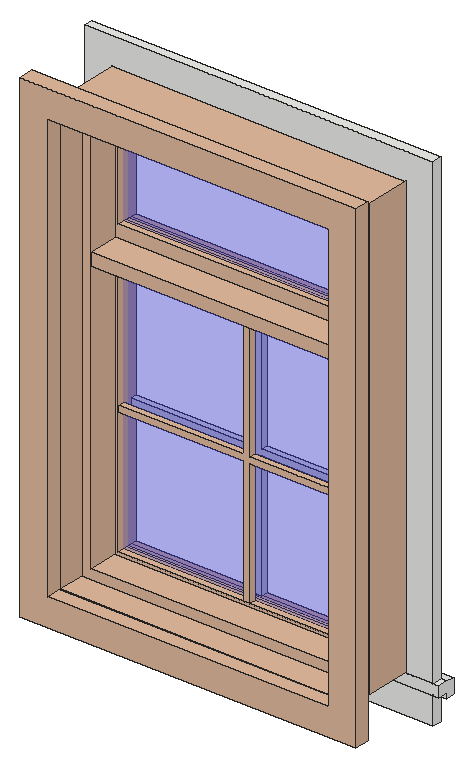
Revit family "4b01a7dc72e9462cb0fbdd8088970dcf", category Windows, host Wall, Revit 2021
Family settings
  Host = Wall
  OmniClass Number = 23.30.20.17.11
  OmniClass Title = Fixed Windows
  Always vertical = Yes
  Cut with Voids When Loaded = No
  Shared = No
  Room Calculation Point = No
Parameters (values of type "24" x 36"")
  Window Inset [instance] = 0' - 0"
  Wall Thickness [instance] = 0' - 6"
  Visual Light Transmittance = 0.81
  Transom Height = 1' - 0"
  Thermal Resistance (R) = 1.8146 (h·ft²·°F)/BTU
  Solar Heat Gain Coefficient = 0.76
  Rough Width = Width + 0' 0 1/2"  # 2' - 0 1/2"
  Rough Height = Height + 0' 0 1/2"  # 3' - 0 1/2"
  Muntin Visibility = yes
  Muntin Pattern = Muntin Pattern_2x2 : Muntin Pattern_2x2
  Lower Sash Height = Height - Transom Height  # 2' - 0"
  Interior Wall Closure [instance] = 0' - 2 1/4"
  Interior Trim Visibility [instance] = yes
  Interior Trim Material = Wood - Stained
  Interior Trim = Trim-Window-Interior-Flat : Picture Frame
  Height = 3' - 0"
  Interior Frame Material = Wood - Stained
  Heat Transfer Coefficient (U) = 0.5511 BTU/(h·ft²·°F)
  Glass Panel Material = Glass
  Frame Extension [instance] = if(Exterior Trim Visibility, Window Inset + 0' 0 1/4", 0' 0 1/4")  # 0' - 0 1/4"
  Fire Rating = "0.5h"
  Exterior Wall Closure [instance] = 0' - 1 1/4"
  Exterior Trim Visibility [instance] = yes
  Exterior Trim Material = Clad - White
  Exterior Trim = Trim-Window-Exterior-Flat : with Sill
  Exterior Frame Material = Clad - White
  Extension Jamb Visibility [instance] = and(Interior Trim Visibility, Wall Thickness - Window Inset > 0' 3 3/4")  # yes
  Extension Jamb [instance] = if(Wall Thickness - Window Inset > 0' 3 3/4", Wall Thickness - Window Inset - 0' 3 3/4", 0' 1")  # 0' - 2 1/4"
  Default Sill Height = 3' - 0"
  Wall Closure = By host
  Width = 2' - 0"
  Assembly Code = "B2020100"
  Analytic Construction = "Double glazing - domestic"
Reference planes (in)
  plane 1 "Center (Front/Back)": y = 0
  plane 2: z = 0
  plane 3 "Center (Left/Right)": x = 0
  plane 4 "Left": x = -12
  plane 5 "Right": x = 12
  plane 6 "Sill": z = 36
  plane 7 "Top": z = 72
  plane 8 "Inset Face": y = 3
  plane 9 "Wall Closure": y = -0.75
  plane 10 "Sash Face": y = 3.5
  plane 11 "Exterior": y = 3
  plane 12: x = 11.5
  plane 13: x = -11.5
  plane 14: z = 71.5
  plane 15: z = 36.5
  plane 16: y = 2.25
  plane 17 "Glass": y = 2.625
  plane 18: y = 3.75
  plane 19: y = 3.75
  plane 20 "Interior": y = -3
  plane 21 "Jamb": y = -0.75
  plane 22 "Middle": z = 54
  plane 23: z = 54
  plane 24: x = 10.75
  plane 25: x = 10.5
  plane 26: x = -10.5
  plane 27: x = 10.5
  plane 28: z = 70.5
  plane 29: z = 37.5
  plane 30: y = -0.75
  plane 31: y = 1.75
  plane 32: z = 59.5
  plane 33: z = 60.5
  plane 34: z = 58.5
  plane 35: z = 60
  plane 36: y = 3.75
  plane 37: z = 61.5
Forms (in)
  Sweep 1, solid, material "Wood - Stained" <- "Interior Frame Material"
    path origin (0, 3.5, 0) x (-1, 0, 0) y (0, 0, 1)
      loop
        line (-12, 36) -> (12, 36) -> (12, 72) -> (-12, 72) -> (-12, 36)
    profile origin (12, 3.5, 54) x (1, 0, 0) y (0, 1, 0)
      loop
        line (0, 0.25) -> (-0.5, 0.25) -> (-0.5, -1.75) -> (-1.25, -1.75) -> (-1.25, -4.25) -> (0, -4.25) -> (0, 0.25)
  Extrusion 2, solid, material "Wood - Stained" <- "Interior Frame Material", visible <- "Extension Jamb Visibility"
    sketch origin (0, 0, 0) x (1, 0, 0) y (0, 0, 1)
      loop
        line (12, 72) -> (-12, 72) -> (-12, 36) -> (12, 36) -> (12, 72)
      loop
        line (11.5, 36.5) -> (11.5, 71.5) -> (-11.5, 71.5) -> (-11.5, 36.5) -> (11.5, 36.5)
    from 0.75 to 3
  Sweep 3, solid, material "Wood - Stained" <- "Interior Frame Material"
    path origin (0, 3.5, 0) x (-1, 0, 0) y (0, 0, 1)
      loop
        line (-11.5, 59.5) -> (-11.5, 36.5) -> (11.5, 36.5) -> (11.5, 59.5) -> (-11.5, 59.5)
    profile origin (11.5, 3.5, 48) x (0, 1, 0) y (-1, 0, 0)
      loop
        line (0, 0) -> (0, 1) -> (-1.75, 1) -> (-1.75, 0) -> (0, 0)
  Extrusion 4, solid, material "Glass" <- "Glass Panel Material"
    sketch origin (0, 0, 36) x (0, -1, 0) y (1, 0, 0)
      loop
        line (-3, -10.5) -> (-2.75, -10.5) -> (-2.75, 10.5) -> (-3, 10.5) -> (-3, -10.5)
      loop
        line (-2.25, 10.5) -> (-2.5, 10.5) -> (-2.5, -10.5) -> (-2.25, -10.5) -> (-2.25, 10.5)
    from 1.5 to 23.5
  Extrusion 5, solid, material "Wood - Stained" <- "Interior Frame Material"
    sketch origin (0, 0, 36) x (0, -1, 0) y (1, 0, 0)
      loop
        line (-3.5, -11.5) -> (-1.75, -11.5) -> (-1.75, -10.75) -> (0.75, -10.75) -> (0.75, 10.75) -> (-1.75, 10.75) -> (-1.75, 11.5) -> (-3.5, 11.5) -> (-3.5, -11.5)
    from 23.5 to 24.5
  Extrusion 6, solid, material "Glass" <- "Glass Panel Material"
    sketch origin (0, 0, 36) x (0, -1, 0) y (1, 0, 0)
      loop
        line (-3, -10.5) -> (-2.75, -10.5) -> (-2.75, 10.5) -> (-3, 10.5) -> (-3, -10.5)
      loop
        line (-2.5, -10.5) -> (-2.25, -10.5) -> (-2.25, 10.5) -> (-2.5, 10.5) -> (-2.5, -10.5)
    from 25.5 to 34.5
  Sweep 7, solid, material "Wood - Stained" <- "Interior Frame Material"
    path origin (-30.38088, 3.5, 48) x (-1, 0, 0) y (0, 0, 1)
      loop
        line (-41.88088, 12.5) -> (-18.88088, 12.5) -> (-18.88088, 23.5) -> (-41.88088, 23.5) -> (-41.88088, 12.5)
    profile origin (11.5, 3.5, 66) x (1, 0, 0) y (0, 1, 0)
      loop
        line (0, 0) -> (-1, 0) -> (-1, -1.75) -> (0, -1.75) -> (0, 0)
Lines and regions (in)
  Opening 1
    outline origin (-60, -3, 0) x (1, 0, 0) y (0, 0, 1)
      loop
        line (48, 72) -> (48, 36) -> (72, 36) -> (72, 72) -> (48, 72)
  Split face 1
    outline origin (10.5, 3.5, 37.5) x (-1, 0, 0) y (0, -1, 0)
      loop
        line (21, 0.5) -> (0, 0.5)
  Split face 2
    outline origin (10.5, 3.5, 58.5) x (0, 0, -1) y (0, -1, 0)
      loop
        line (0, 0.5) -> (21, 0.5)
  Split face 3
    outline origin (-10.5, 3.5, 37.5) x (0, 0, 1) y (0, -1, 0)
      loop
        line (21, 0.5) -> (0, 0.5)
  Split face 4
    outline origin (-10.5, 3.5, 58.5) x (0, -1, 0) y (1, 0, 0)
      loop
        line (0.5, 0) -> (0.5, 21)
  Split face 5
    outline origin (11.5, 1.75, 36.5) x (0, 0, 1) y (0, 1, 0)
      loop
        line (35, 1.25) -> (0, 1.25)
  Split face 6
    outline origin (-11.5, 1.75, 36.5) x (1, 0, 0) y (0, 1, 0)
      loop
        line (0, 1.25) -> (23, 1.25)
  Split face 7
    outline origin (-11.5, 1.75, 71.5) x (0, 0, -1) y (0, 1, 0)
      loop
        line (35, 1.75) -> (0, 1.75)
  Split face 8
    outline origin (11.5, 1.75, 71.5) x (0, 1, 0) y (-1, 0, 0)
      loop
        line (1.75, 0) -> (1.75, 23)
  Split face 9
    outline origin (0, 0, 60.5) x (0, -1, 0) y (1, 0, 0)
      loop
        line (-3, -11.5) -> (-3, 11.5)
  Split face 10
    outline origin (-10.5, 1.75, 70.5) x (0, 0, -1) y (0, 1, 0)
      loop
        line (9, 1.25) -> (0, 1.25)
  Split face 11
    outline origin (10.5, 1.75, 70.5) x (0, 1, 0) y (-1, 0, 0)
      loop
        line (1.25, 0) -> (1.25, 21)
  Split face 12
    outline origin (-10.5, 1.75, 61.5) x (1, 0, 0) y (0, 1, 0)
      loop
        line (0, 1.25) -> (21, 1.25)
  Split face 13
    outline origin (10.5, 1.75, 61.5) x (0, 0, 1) y (0, 1, 0)
      loop
        line (9, 1.25) -> (0, 1.25)
Text (in)
  text "EXTERIOR" at (-58.6888, 50.90694, 0), in view "Ref. Level"
  text "INTERIOR" at (-58.6888, -37.76638, 0), in view "Ref. Level"
  text "Exterior" at (0, 43.65631, 123.19604), in view "Left"
  text "Exterior" at (0, 18.29385, 125.04747), in view "Right"
Dimensions and locks (in)
  equal spacing: plane 4 "Left", plane 3 "Center (Left/Right)", plane 5 "Right"
  "Width": plane 4 "Left" to plane 5 "Right"
  "Height": plane 6 "Sill" to plane 7 "Top"
  "Default Sill Height": plane 2 to plane 6 "Sill"
  locked: plane 10 "Sash Face" to plane 8 "Inset Face" at 0.5
  "Wall Thickness": host wall to host wall
  "Window Inset": plane 11 "Exterior" to plane 8 "Inset Face"
  locked: Sweep 1 sketch curve to plane 5 "Right" at 0.5
  locked: plane 12 to plane 5 "Right" at 0.5
  locked: plane 4 "Left" to plane 13 at 0.5
  locked: plane 14 to plane 7 "Top" at 0.5
  locked: plane 6 "Sill" to plane 15 at 0.5
  plane 16 to Sweep 3 = 0' - 0 1/2"
  equal spacing: plane 8 "Inset Face", plane 17 "Glass", plane 16
  locked: plane 8 "Inset Face" to plane 16 at 0.75
  locked: plane 18 to plane 11 "Exterior" at 0.75
  locked: plane 19 to plane 10 "Sash Face" at 0.25
  "Extension Jamb": plane 21 "Jamb" to plane 20 "Interior"
  locked: plane 8 "Inset Face" to plane 9 "Wall Closure" at 3.75
  equal spacing: plane 6 "Sill", plane 23, plane 7 "Top"
  plane 24 to plane 5 "Right" = 0' - 1 1/4"
  plane 25 to plane 12 = 0' - 1"
  locked: plane 4 "Left" to plane 26 at 1.5
  locked: plane 7 "Top" to plane 28 at 1.5
  locked: plane 29 to plane 6 "Sill" at 1.5
  locked: plane 27 to plane 5 "Right" at 1.5
  level to host wall = 23' - 0"
  "Interior Wall Closure": plane 30 to plane 20 "Interior"
  "Exterior Wall Closure": plane 11 "Exterior" to plane 31
  locked: plane 13 to Extrusion 5 sketch curve at 0.75
  locked: plane 10 "Sash Face" to Extrusion 5 sketch curve at 1.75  (x2)
  locked: plane 32 to plane 33 at 1
  locked: Extrusion 6 sketch curve to plane 16 at 0.25
  Extrusion 4 to Extrusion 6 = 1' - 9"
  locked: plane 8 "Inset Face" to Extrusion 6 sketch curve at 0.25
  locked: plane 34 to plane 32 at 1
  equal spacing: plane 32, plane 35, plane 33
  "Transom Height": plane 35 to plane 7 "Top"
  "Frame Extension": plane 36 to plane 10 "Sash Face"
  locked: plane 10 "Sash Face" to Sweep 7 sketch curve at 1.75
  locked: plane 33 to plane 37 at 1
  aligned and locked: plane 7 "Top" to Opening 1 sketch curve
  aligned and locked: plane 6 "Sill" to Opening 1 sketch curve  (x2)
  aligned and locked: plane 5 "Right" to Opening 1 sketch curve
  aligned and locked: plane 4 "Left" to Opening 1 sketch curve
  aligned and locked: level to plane 2
  aligned and locked: host wall to plane 11 "Exterior"
  aligned and locked: plane 5 "Right" to Sweep 1 sketch curve
  aligned and locked: plane 7 "Top" to Sweep 1 sketch curve
  aligned and locked: Sweep 1 sketch curve to plane 4 "Left"
  aligned and locked: Sweep 1 sketch curve to plane 6 "Sill"
  aligned and locked: Extrusion 2 sketch curve to host wall  (x3)
  aligned and locked: plane 7 "Top" to Extrusion 2 sketch curve
  aligned and locked: host wall to Extrusion 2
  aligned and locked: Sweep 3 sketch curve to plane 12  (x2)
  aligned and locked: Sweep 3 sketch curve to plane 15
  aligned and locked: Split face 1 sketch curve to plane 8 "Inset Face"
  aligned and locked: plane 8 "Inset Face" to Split face 2 sketch curve
  aligned and locked: plane 8 "Inset Face" to Split face 3 sketch curve
  aligned and locked: Split face 4 sketch curve to plane 8 "Inset Face"
  aligned and locked: Extrusion 4 sketch curve to plane 8 "Inset Face"
  aligned and locked: Sweep 3 to Extrusion 4 sketch curve
  aligned and locked: Extrusion 4 sketch curve to plane 16
  aligned and locked: Extrusion 4 sketch curve to Sweep 3
  aligned and locked: plane 20 "Interior" to host wall
  aligned and locked: plane 21 "Jamb" to Extrusion 2
  aligned and locked: plane 9 "Wall Closure" to Sweep 1
  aligned and locked: nested 2 to plane 4 "Left"
  aligned and locked: profile plane to Sweep 3 sketch curve
  aligned and locked: plane 13 to Sweep 3 sketch curve
  aligned and locked: plane 12 to Extrusion 2 sketch curve
  aligned and locked: Extrusion 2 sketch curve to plane 14
  aligned and locked: Extrusion 2 sketch curve to plane 13
  aligned and locked: plane 15 to Extrusion 2 sketch curve
  aligned and locked: plane 23 to plane 22 "Middle"
  aligned and locked: Sweep 1 sketch curve to Sweep 3
  aligned and locked: Sweep 3 sketch curve to plane 25
  aligned and locked: Extrusion 4 sketch curve to plane 25  (x2)
  aligned and locked: Extrusion 4 to Sweep 3
  aligned and locked: plane 8 "Inset Face" to Split face 5 sketch curve
  aligned and locked: Split face 6 sketch curve to plane 8 "Inset Face"
  aligned and locked: Split face 7 sketch curve to plane 10 "Sash Face"
  aligned and locked: plane 10 "Sash Face" to Split face 8 sketch curve
  aligned and locked: nested 1 to plane 29
  aligned and locked: plane 15 to Extrusion 2
  aligned and locked: Extrusion 2 to plane 14
  aligned and locked: plane 17 "Glass" to nested 1
  aligned and locked: plane 25 to nested 1
  aligned and locked: plane 26 to nested 1
  aligned and locked: plane 7 "Top" to nested 3
  aligned and locked: nested 3 to plane 3 "Center (Left/Right)"
  aligned and locked: plane 7 "Top" to nested 4
  aligned and locked: plane 3 "Center (Left/Right)" to nested 4
  aligned and locked: plane 32 to Extrusion 4
  aligned and locked: Extrusion 5 sketch curve to plane 21 "Jamb"
  aligned and locked: Extrusion 5 sketch curve to plane 24
  aligned and locked: plane 12 to Extrusion 5 sketch curve
  aligned and locked: Extrusion 5 sketch curve to plane 10 "Sash Face"
  aligned and locked: plane 13 to Extrusion 5 sketch curve
  aligned and locked: Extrusion 5 to plane 32
  aligned and locked: plane 32 to Sweep 3 sketch curve
  aligned and locked: plane 33 to Extrusion 5
  aligned and locked: Extrusion 6 sketch curve to plane 8 "Inset Face"
  aligned and locked: plane 16 to Extrusion 6 sketch curve
  aligned and locked: Split face 9 sketch curve to plane 8 "Inset Face"
  aligned and locked: nested 1 to plane 34
  aligned and locked: nested 2 to plane 35
  aligned and locked: plane 11 "Exterior" to nested 2
  aligned and locked: plane 36 to Sweep 1 sketch curve
  aligned and locked: Sweep 7 sketch curve to plane 14
  aligned and locked: Sweep 7 sketch curve to plane 13
  aligned and locked: plane 12 to Sweep 7 sketch curve
  aligned and locked: plane 33 to Sweep 7 sketch curve
  aligned and locked: plane 10 "Sash Face" to Sweep 7 sketch curve
  aligned and locked: Sweep 7 sketch curve to plane 12
  aligned and locked: Sweep 7 sketch curve to plane 27
  aligned and locked: plane 26 to Extrusion 6 sketch curve  (x2)
  aligned and locked: Extrusion 6 sketch curve to plane 27  (x2)
  aligned and locked: plane 28 to Extrusion 6
  aligned and locked: Extrusion 6 to plane 37
  aligned and locked: plane 8 "Inset Face" to Split face 10 sketch curve
  aligned and locked: plane 8 "Inset Face" to Split face 11 sketch curve
  aligned and locked: Split face 12 sketch curve to plane 8 "Inset Face"
  aligned and locked: Split face 13 sketch curve to plane 8 "Inset Face"
  aligned and locked: nested 5 to plane 4 "Left"
  aligned and locked: nested 5 to plane 11 "Exterior"
  aligned and locked: nested 5 to plane 7 "Top"
Automatic sketch dimensions
  Sweep 3 sketch curve to plane 10 "Sash Face" = 0' - 1 3/4"
  Split face 1 sketch curve to Sweep 3 = 0' - 0"  (x2)
  Sweep 3 to Split face 2 sketch curve = 0' - 0"
  Split face 2 sketch curve to Sweep 3 = 0' - 0"
  Split face 3 sketch curve to Sweep 3 = 0' - 0"
  Sweep 3 to Split face 3 sketch curve = 0' - 0"
  Split face 4 sketch curve to Sweep 3 = 0' - 0"  (x2)
  plane 17 "Glass" to Extrusion 4 sketch curve = 0' - 0 1/8"
  Extrusion 4 sketch curve to plane 17 "Glass" = 0' - 0 1/8"
  Sweep 1 sketch curve to profile plane = 0' - 0"
  profile plane to Sweep 1 sketch curve = 0' - 1 1/4"
  Sweep 1 sketch curve to plane 10 "Sash Face" = 0' - 4 1/4"
  Split face 5 sketch curve to Sweep 1 = 0' - 0"
  Sweep 1 to Split face 5 sketch curve = 0' - 0"
  Split face 6 sketch curve to Sweep 1 = 0' - 0"  (x2)
  Sweep 1 to Split face 7 sketch curve = 0' - 0"
  Split face 7 sketch curve to Sweep 1 = 0' - 0"
  Split face 8 sketch curve to Sweep 1 = 0' - 0"  (x2)
  Split face 9 sketch curve to Extrusion 5 = 0' - 0"  (x2)
  Sweep 7 to Split face 10 sketch curve = 0' - 0"
  Split face 10 sketch curve to Sweep 7 = 0' - 0"
  Split face 11 sketch curve to Sweep 7 = 0' - 0"  (x2)
  Split face 12 sketch curve to Sweep 7 = 0' - 0"  (x2)
  Split face 13 sketch curve to Sweep 7 = 0' - 0"
  Sweep 7 to Split face 13 sketch curve = 0' - 0"
Nested families (in)
  nested 1: "Muntin Pattern_2x2" at (0, 2.625, 37.5) x (-1, 0, 0) z (0, 0, 1), type <- "Muntin Pattern", Exterior Material <- "Exterior Frame Material", Interior Material <- "Interior Frame Material", visible <- "Muntin Visibility", type "Muntin Pattern_2x2"
    with Width 1' - 9", Interior Material Wood - Stained, Height 1' - 9", Exterior Material Clad - White
  nested 2: "Plan-Fixed 1" at (0, 3, 36) x (-1, 0, 0) z (0, 0, 1), Width <- "Width", Wall Thickness <- "Wall Thickness", Window Inset <- "Window Inset", Height <- "Lower Sash Height", type "Plan-Fixed 1"
    with Window Inset of 3D 0' - 0", Window Inset 0' - 0", Width 2' - 0", Wall Thickness 0' - 6", Top Line no, Height 2' - 0", Bottom Line yes
  nested 3: "Trim-Window-Exterior-Flat" at (0, 3, 72) x (-1, 0, 0) z (0, 1, 0), visible <- "Exterior Trim Visibility", Trim Material <- "Exterior Trim Material", Opening Width <- "Width", Opening Height <- "Height", type <- "Exterior Trim", type "with Sill"
    with Trim Material Clad - White, Opening Width 2' - 0", Opening Height 3' - 0"
  nested 4: "Trim-Window-Interior-Flat" at (0, -3, 72) x (1, 0, 0) z (0, -1, 0), visible <- "Interior Trim Visibility", Trim Material <- "Interior Trim Material", Opening Width <- "Width", Opening Height <- "Height", type <- "Interior Trim", type "Picture Frame"
    with Trim Material Wood - Stained, Opening Width 2' - 0", Opening Height 3' - 0"
  nested 5: "Plan-Fixed 1" at (0, 3, 60), Window Inset <- "Window Inset", Width <- "Width", Wall Thickness <- "Wall Thickness", Height <- "Transom Height", type "Plan-Fixed 1"
    with Window Inset of 3D 0' - 0", Window Inset 0' - 0", Width 2' - 0", Wall Thickness 0' - 6", Top Line yes, Height 1' - 0", Bottom Line no
Definition of nested family "Muntin Pattern_2x2"
  Parameters (values of type "Muntin Pattern_2x2")
    Width [instance] = 4' - 0"
    Thickness = 0' - 0 1/2"
    Height [instance] = 4' - 0"
    Interior Material [instance] = none
    Exterior Material [instance] = none
    Distance = 0' - 0 3/4"
    Default Elevation = 0' - 0"
  Reference planes (in)
    plane 1 "Center (Front/Back)": y = 0
    plane 2: z = 0
    plane 3 "Center (Left/Right)": x = 0
    plane 4: z = 48
    plane 5: x = -24
    plane 6: x = 24
    plane 7: z = 24
    plane 8: y = 0.375
    plane 9: y = 0.875
    plane 10: y = -0.375
    plane 11: y = -0.875
  Forms (in)
    Extrusion 1, solid, material <- "Interior Material", detail levels fine
      sketch origin (0, 0, 0) x (1, 0, 0) y (0, 0, 1)
        loop
          line (-24, 24.25) -> (-24, 23.75) -> (-0.25, 23.75) -> (-0.25, 0) -> (0.25, 0) -> (0.25, 23.75) -> (24, 23.75) -> (24, 24.25) -> (0.25, 24.25) -> (0.25, 48) -> (-0.25, 48) -> (-0.25, 24.25) -> (-24, 24.25)
      from 0.375 to 0.875
    Extrusion 2, solid, material <- "Exterior Material", detail levels fine
      sketch origin (0, 0, 0) x (1, 0, 0) y (0, 0, -1)
        loop
          line (-24, -24.25) -> (-0.25, -24.25) -> (-0.25, -48) -> (0.25, -48) -> (0.25, -24.25) -> (24, -24.25) -> (24, -23.75) -> (0.25, -23.75) -> (0.25, 0) -> (-0.25, 0) -> (-0.25, -23.75) -> (-24, -23.75) -> (-24, -24.25)
      from 0.375 to 0.875
  Lines and regions (in)
    model lines, detail levels medium
      curve 1: line (0, 0.375, 48) -> (0, 0.375, 0)
      curve 2: line (-24, -0.375, 24) -> (24, -0.375, 24)
      curve 3: line (-24, 0.375, 24) -> (24, 0.375, 24)
      curve 4: line (0, -0.375, 48) -> (0, -0.375, 0)
  Dimensions and locks (in)
    equal spacing: plane 6, plane 3 "Center (Left/Right)", plane 5
    "Width": plane 6 to plane 5
    "Height": plane 4 to plane 2
    equal spacing: plane 4, plane 7, plane 2
    locked: plane 3 "Center (Left/Right)" to Extrusion 1 sketch curve at 0.25  (x4)
    locked: Extrusion 1 sketch curve to plane 7 at 0.25  (x2)
    locked: plane 7 to Extrusion 1 sketch curve at 0.25  (x2)
    "Thickness": plane 9 to plane 8
    "Thickness": plane 10 to plane 11
    "Distance": plane 8 to plane 10
    equal spacing: plane 8, plane 1 "Center (Front/Back)", plane 10
    aligned and locked: plane 2 to level
    aligned and locked: plane 4 to curve 1
    aligned and locked: plane 5 to curve 2
    aligned and locked: plane 2 to curve 1
    aligned and locked: plane 6 to curve 2
    aligned and locked: Extrusion 1 sketch curve to plane 4
    aligned and locked: Extrusion 1 sketch curve to plane 6
    aligned and locked: Extrusion 1 sketch curve to plane 5
    aligned and locked: Extrusion 1 sketch curve to level
    aligned and locked: Extrusion 1 to plane 11
    aligned and locked: plane 10 to Extrusion 1
    aligned and locked: Extrusion 2 to plane 5
    aligned and locked: plane 6 to Extrusion 2
    aligned and locked: Extrusion 2 to plane 8
    aligned and locked: plane 9 to Extrusion 2
    aligned and locked: Extrusion 2 to plane 2
    aligned and locked: plane 4 to Extrusion 2
    aligned and locked: plane 5 to curve 3
    aligned and locked: plane 6 to curve 3
    aligned and locked: plane 4 to curve 4
    aligned and locked: plane 2 to curve 4
    aligned and locked: plane 8 to curve 3
  Automatic sketch dimensions
    curve 2 to plane 7 = 0' - 0"
    Extrusion 2 sketch curve to plane 5 = 0' - 0"
    Extrusion 2 sketch curve to level = 0' - 0"
    Extrusion 2 sketch curve to plane 4 = 0' - 0"
    Extrusion 2 sketch curve to plane 6 = 0' - 0"
    Extrusion 2 sketch curve to plane 3 "Center (Left/Right)" = 0' - 0 1/4"  (x2)
    plane 3 "Center (Left/Right)" to Extrusion 2 sketch curve = 0' - 0 1/4"  (x2)
    plane 7 to Extrusion 2 sketch curve = 0' - 0 1/4"  (x2)
    Extrusion 2 sketch curve to plane 7 = 0' - 0 1/4"  (x2)
    curve 4 to plane 3 "Center (Left/Right)" = 0' - 0"
    curve 4 to level = 0' - 0"
    curve 4 to plane 4 = 0' - 0"
    curve 3 to plane 6 = 0' - 0"
    curve 1 to plane 3 "Center (Left/Right)" = 0' - 0"
    curve 3 to plane 5 = 0' - 0"
    curve 3 to plane 7 = 0' - 0"
Definition of nested family "Trim-Window-Exterior-Flat"
  Parameters (values of type "with Sill")
    Trim Width = 0' - 2 1/4"
    Trim Thickness_Picture Frame = 0' - 1 1/4"
    Trim Thickness_with Sill = 0' - 0 3/4"
    Trim Material [instance] = none
    Sill Thickness = 0' - 1 1/4"
    Sill = yes
    Picture Frame = no
    Opening Width [instance] = 2' - 0"
    Opening Height [instance] = 3' - 0"
    Default Elevation = 4' - 0"
  Types (2): name | Sill | Picture Frame
    with Sill | yes | no
    Picture Frame | no | yes
  Reference planes (in)
    plane 1 "Center (Front/Back)": y = 0
    plane 2: z = 0
    plane 3 "Center (Left/Right)": x = 0
    plane 4: y = 2.25
    plane 5 "Left": x = -12
    plane 6 "Right": x = 12
    plane 7 "Bottom": y = -36
    plane 8: y = -37.25
    plane 9: y = -39.12332
    plane 10: x = 14.25
    plane 11: x = -14.25
    plane 12: z = 0.75
    plane 13: z = 1.25
    plane 14: x = 14.75
    plane 15: x = -14.75
    plane 16: y = -36.87332
    plane 17: y = -38.25
    plane 18: z = 0.5
    plane 19: y = -18
    plane 20: z = 1.5
  Forms (in)
    Extrusion 1, solid
      sketch origin (0, 0, 0) x (1, 0, 0) y (0, 1, 0)
        loop
          line (-14.25, 2.25) -> (-14.25, -39.12332) -> (14.25, -39.12332) -> (14.25, 2.25) -> (-14.25, 2.25)
      from 0 to -12
    Extrusion 2, solid, material <- "Trim Material", visible <- "Sill"
      sketch origin (0, 0, 0) x (1, 0, 0) y (0, 1, 0)
        loop
          line (-14.25, -36) -> (-12, -36) -> (-12, 0) -> (12, 0) -> (12, -36) -> (14.25, -36) -> (14.25, 2.25) -> (-14.25, 2.25) -> (-14.25, -36)
      from 0 to 0.75
    Extrusion 3, solid, material <- "Trim Material", visible <- "Sill"
      sketch origin (0, 0, 0) x (0, 1, 0) y (0, 0, 1)
        loop
          line (-36.09677, 1.5) -> (-37.25, 1.5) -> (-37.25, 0.75) -> (-36.87332, 0.75) -> (-36.87332, 0) -> (-36, 0) -> (-36, 0.75) -> (-36.09677, 1.5)
      from -14.75 to 14.75
    Extrusion 4, solid, material <- "Trim Material", visible <- "Sill"
      sketch origin (0, 0, 0) x (1, 0, 0) y (0, 1, 0)
        loop
          line (-14.25, -36.87332) -> (-14.25, -39.12332) -> (14.25, -39.12332) -> (14.25, -36.87332) -> (-14.25, -36.87332)
      from 0 to 0.75
    Extrusion 5, solid, material <- "Trim Material", visible <- "Picture Frame"
      sketch origin (0, 0, 0) x (1, 0, 0) y (0, 1, 0)
        loop
          line (-12, 0) -> (-12, -36) -> (12, -36) -> (12, 0) -> (-12, 0)
        loop
          line (-14.25, 2.25) -> (-14.25, -38.25) -> (14.25, -38.25) -> (14.25, 2.25) -> (-14.25, 2.25)
      from 0 to 1.25
  Dimensions and locks (in)
    equal spacing: plane 5 "Left", plane 3 "Center (Left/Right)", plane 6 "Right"
    "Opening Width": plane 5 "Left" to plane 6 "Right"
    "Opening Height": plane 7 "Bottom" to plane 1 "Center (Front/Back)"
    "Sill Thickness": plane 7 "Bottom" to plane 8
    "Trim Width": plane 11 to plane 5 "Left"
    "Trim Width": plane 6 "Right" to plane 10
    "Trim Width": plane 1 "Center (Front/Back)" to plane 4
    locked: plane 15 to plane 11 at 0.5
    locked: plane 10 to plane 14 at 0.5
    locked: plane 16 to plane 8 at 0.37668
    "Trim Width": plane 9 to plane 16
    "Trim Width": plane 17 to plane 7 "Bottom"
    locked: plane 18 to plane 2 at 0.5
    equal spacing: plane 7 "Bottom", plane 19, plane 1 "Center (Front/Back)"
    locked: plane 20 to plane 12 at 0.75
    "Trim Thickness_with Sill": plane 12 to plane 2
    "Trim Thickness_Picture Frame": plane 13 to plane 2
    aligned and locked: plane 2 to Extrusion 1
    aligned and locked: level to Extrusion 1
    aligned and locked: Extrusion 2 sketch curve to plane 5 "Left"
    aligned and locked: Extrusion 2 sketch curve to plane 11
    aligned and locked: plane 7 "Bottom" to Extrusion 2 sketch curve  (x2)
    aligned and locked: plane 1 "Center (Front/Back)" to Extrusion 2 sketch curve
    aligned and locked: plane 10 to Extrusion 2 sketch curve
    aligned and locked: Extrusion 2 sketch curve to plane 6 "Right"
    aligned and locked: plane 12 to Extrusion 2
    aligned and locked: Extrusion 3 sketch curve to level
    aligned and locked: plane 7 "Bottom" to Extrusion 3 sketch curve
    aligned and locked: Extrusion 3 sketch curve to plane 8
    aligned and locked: plane 15 to Extrusion 3
    aligned and locked: Extrusion 3 to plane 14
    aligned and locked: plane 10 to Extrusion 4 sketch curve
    aligned and locked: Extrusion 4 sketch curve to plane 11
    aligned and locked: plane 16 to Extrusion 4 sketch curve
    aligned and locked: plane 9 to Extrusion 4 sketch curve
    aligned and locked: Extrusion 4 to Extrusion 2
    aligned and locked: Extrusion 2 sketch curve to plane 4
    aligned and locked: plane 1 "Center (Front/Back)" to Extrusion 5 sketch curve
    aligned and locked: Extrusion 5 sketch curve to plane 4
    aligned and locked: Extrusion 5 sketch curve to plane 17
    aligned and locked: plane 7 "Bottom" to Extrusion 5 sketch curve
    aligned and locked: Extrusion 5 sketch curve to plane 6 "Right"
    aligned and locked: plane 10 to Extrusion 5 sketch curve
    aligned and locked: Extrusion 5 sketch curve to plane 5 "Left"
    aligned and locked: Extrusion 5 sketch curve to plane 11
    aligned and locked: plane 13 to Extrusion 5
    aligned and locked: plane 20 to Extrusion 3
  Automatic sketch dimensions
    Extrusion 1 sketch curve to Extrusion 1 sketch curve = 2' - 4 1/2"
    Extrusion 1 sketch curve to Extrusion 1 sketch curve = 3' - 5.37332"
    Extrusion 3 sketch curve to plane 16 = 0' - 0"
    Extrusion 3 sketch curve to plane 12 = 0' - 0"  (x2)
    Extrusion 3 sketch curve to plane 7 "Bottom" = 0' - 0.09677"
    plane 13 to Extrusion 3 sketch curve = 0' - 0 1/4"
Definition of nested family "Trim-Window-Interior-Flat"
  Parameters (values of type "with Sill")
    Trim Thickness_Picture Frame = 0' - 1 1/4"
    Trim Width = 0' - 2 1/4"
    Trim Thickness_with Sill = 0' - 0 3/4"
    Trim Material [instance] = none
    Sill Thickness = 0' - 1 1/4"
    Sill = yes
    Picture Frame = no
    Opening Width [instance] = 2' - 0"
    Opening Height [instance] = 3' - 0"
    Default Elevation = 4' - 0"
  Types (2): name | Sill | Picture Frame
    with Sill | yes | no
    Picture Frame | no | yes
  Reference planes (in)
    plane 1 "Center (Front/Back)": y = 0
    plane 2: z = 0
    plane 3 "Center (Left/Right)": x = 0
    plane 4: y = 1.75
    plane 5 "Left": x = -12
    plane 6 "Right": x = 12
    plane 7 "Bottom": y = -36
    plane 8: y = -37.25
    plane 9: y = -39.12332
    plane 10: x = 13.75
    plane 11: x = -13.75
    plane 12: z = 0.75
    plane 13: z = 1.25
    plane 14: x = 14.25
    plane 15: x = -14.25
    plane 16: y = -36.87332
    plane 17: y = -37.75
    plane 18: z = 0.5
    plane 19: x = -11.5
    plane 20: y = -0.5
    plane 21: x = 11.5
    plane 22: y = -35.5
    plane 23: x = -13.25
    plane 24: x = 13.25
    plane 25: y = -18
  Forms (in)
    Extrusion 1, solid
      sketch origin (0, 0, 0) x (1, 0, 0) y (0, 1, 0)
        loop
          line (-13.75, 1.75) -> (-13.75, -37.75) -> (13.75, -37.75) -> (13.75, 1.75) -> (-13.75, 1.75)
      from 0 to -12
    Extrusion 2, solid, material <- "Trim Material", visible <- "Sill"
      sketch origin (0, 0, 0) x (1, 0, 0) y (0, 1, 0)
        loop
          line (-13.25, -36) -> (-11.5, -36) -> (-11.5, 0) -> (11.5, 0) -> (11.5, -36) -> (13.25, -36) -> (13.25, 1.75) -> (-13.25, 1.75) -> (-13.25, -36)
      from 0 to 0.75
    Extrusion 3, solid, material <- "Trim Material", visible <- "Sill"
      sketch origin (0, 0, 0) x (0, 1, 0) y (0, 0, 1)
        loop
          line (-36.5, 1.5) -> (-36.87332, 1.5) -> (-36.87332, 0) -> (-36, 0) -> (-36, 1)
          arc (-36, 1) -> (-36.14645, 1.35355) -> (-36.5, 1.5) r 0.5
      from -13.75 to 13.75
    Extrusion 4, solid, material <- "Trim Material", visible <- "Sill"
      sketch origin (0, 0, 0) x (1, 0, 0) y (0, 1, 0)
        loop
          line (-13.25, -36.87332) -> (-13.25, -39.12332) -> (13.25, -39.12332) -> (13.25, -36.87332) -> (-13.25, -36.87332)
      from 0 to 0.75
    Extrusion 5, solid, material <- "Trim Material", visible <- "Picture Frame"
      sketch origin (0, 0, 0) x (1, 0, 0) y (0, 1, 0)
        loop
          line (-11.5, -0.5) -> (-11.5, -35.5) -> (11.5, -35.5) -> (11.5, -0.5) -> (-11.5, -0.5)
        loop
          line (-13.75, 1.75) -> (-13.75, -37.75) -> (13.75, -37.75) -> (13.75, 1.75) -> (-13.75, 1.75)
      from 0 to 1.25
  Dimensions and locks (in)
    equal spacing: plane 5 "Left", plane 3 "Center (Left/Right)", plane 6 "Right"
    "Opening Width": plane 5 "Left" to plane 6 "Right"
    "Opening Height": plane 7 "Bottom" to plane 1 "Center (Front/Back)"
    "Sill Thickness": plane 7 "Bottom" to plane 8
    "Trim Width": plane 11 to plane 19
    "Trim Width": plane 21 to plane 10
    "Trim Width": plane 20 to plane 4
    "Trim Thickness_with Sill": plane 12 to plane 2
    locked: plane 15 to plane 11 at 0.5
    locked: plane 10 to plane 14 at 0.5
    locked: plane 16 to plane 8 at 0.37668
    "Trim Width": plane 9 to plane 16
    "Trim Width": plane 17 to plane 22
    plane 20 to plane 1 "Center (Front/Back)" = 0' - 0 1/2"
    plane 5 "Left" to plane 19 = 0' - 0 1/2"
    plane 21 to plane 6 "Right" = 0' - 0 1/2"
    plane 22 to plane 7 "Bottom" = 0' - 0 1/2"
    locked: plane 11 to plane 23 at 0.5
    locked: plane 24 to plane 10 at 0.5
    equal spacing: plane 7 "Bottom", plane 25, plane 1 "Center (Front/Back)"
    "Trim Thickness_Picture Frame": plane 13 to plane 2
    locked: Extrusion 3 to plane 12 at 0.75
    locked: plane 12 to Extrusion 3 sketch curve at 0.75
    radius of Extrusion 3 sketch curve = 0' - 0 1/2"
    aligned and locked: plane 2 to Extrusion 1
    aligned and locked: level to Extrusion 1
    aligned and locked: plane 7 "Bottom" to Extrusion 2 sketch curve  (x2)
    aligned and locked: plane 1 "Center (Front/Back)" to Extrusion 2 sketch curve
    aligned and locked: plane 12 to Extrusion 2
    aligned and locked: Extrusion 3 sketch curve to level
    aligned and locked: plane 7 "Bottom" to Extrusion 3 sketch curve
    aligned and locked: plane 16 to Extrusion 4 sketch curve
    aligned and locked: plane 9 to Extrusion 4 sketch curve
    aligned and locked: Extrusion 2 sketch curve to plane 4
    aligned and locked: Extrusion 5 sketch curve to plane 4
    aligned and locked: Extrusion 5 sketch curve to plane 17
    aligned and locked: plane 10 to Extrusion 5 sketch curve
    aligned and locked: Extrusion 5 sketch curve to plane 11
    aligned and locked: plane 13 to Extrusion 5
    aligned and locked: Extrusion 5 sketch curve to plane 20
    aligned and locked: Extrusion 5 sketch curve to plane 19
    aligned and locked: Extrusion 5 sketch curve to plane 21
    aligned and locked: plane 22 to Extrusion 5 sketch curve
    aligned and locked: Extrusion 4 to plane 24
    aligned and locked: plane 11 to Extrusion 3
    aligned and locked: Extrusion 3 to plane 10
    aligned and locked: Extrusion 2 sketch curve to plane 21
    aligned and locked: Extrusion 2 sketch curve to plane 24
    aligned and locked: Extrusion 2 sketch curve to plane 19
    aligned and locked: Extrusion 2 sketch curve to plane 23
    aligned and locked: plane 12 to Extrusion 4
  Automatic sketch dimensions
    Extrusion 1 sketch curve to Extrusion 1 sketch curve = 2' - 3 1/2"
    Extrusion 1 sketch curve to Extrusion 1 sketch curve = 3' - 3 1/2"
    Extrusion 3 sketch curve to plane 16 = 0' - 0"
    Extrusion 4 sketch curve to plane 11 = 0' - 0 1/2"
    Extrusion 4 sketch curve to plane 24 = 0' - 0"
Definition of nested family "Plan-Fixed 1"
  Parameters (values of type "Plan-Fixed 1")
    Window Inset [instance] = 0' - 1"
    Window Inset of 3D [instance] = if(Window Inset - 0' 0 1/2" < 0' 0", 0' 0", if(Window Inset - 0' 0 1/2" < Wall Thickness - 0' 3 1/2", Window Inset - 0' 0 1/2", Wall Thickness - 0' 3 1/2"))  # 0' - 0 1/2"
    Width [instance] = 4' - 0"
    Wall Thickness [instance] = 0' - 6"
    Top Line [instance] = yes
    Height [instance] = 3' - 0"
    Default Elevation = 4' - 0"
    Bottom Line [instance] = yes
    Analytic Construction = "<None>"
  Reference planes (in)
    plane 1 "Center (Front/Back)": y = 0
    plane 2: z = 0
    plane 3 "Center (Left/Right)": x = 0
    plane 4: x = -24
    plane 5: x = 24
    plane 6 "Jamb": y = -4
    plane 7: x = -23.5
    plane 8: x = -22.75
    plane 9: y = -0.5
    plane 10: y = -2.25
    plane 11: y = -1.375
    plane 12: x = -22.5
    plane 13: x = 23.5
    plane 14: x = 22.75
    plane 15: x = 22.5
    plane 16 "Window Inset": y = -1
    plane 17 "Wall": y = -6
    plane 18: z = 36
    plane 19: z = 35.5
    plane 20: z = 0.5
    plane 21: z = 34.75
    plane 22: z = 1.25
    plane 23: z = 34.5
    plane 24: z = 1.5
  Lines and regions (in)
    Masking region 1
      outline origin (0, 0.75, 0) x (1, 0, 0) y (0, 1, 0)
        loop
          line (-24, -6.75) -> (24, -6.75) -> (24, -0.75) -> (-24, -0.75) -> (-24, -6.75)
    Masking region 2
      outline origin (0, 0, 0) x (0, 1, 0) y (0, 0, 1)
        loop
          line (-6, 36) -> (-6, 0) -> (0, 0) -> (0, 36) -> (-6, 36)
    symbolic lines
      curve 1: line (-23.5, -2.25, 0) -> (-22.75, -2.25, 0)
      curve 2: line (-22.75, -2.25, 0) -> (-22.75, -4, 0)
      curve 3: line (-23.5, -0.5, 0) -> (-23.5, -2.25, 0)
      curve 4: line (-24, -0.5, 0) -> (-22.5, -0.5, 0)
      curve 5: line (-22.5, -0.5, 0) -> (-22.5, -2.25, 0)
      curve 6: line (-22.5, -2.25, 0) -> (-22.75, -2.25, 0)
      curve 7: line (-22.5, -1.375, 0) -> (22.5, -1.375, 0)
      curve 8: line (23.5, -2.25, 0) -> (22.75, -2.25, 0)
      curve 9: line (22.75, -2.25, 0) -> (22.75, -4, 0)
      curve 10: line (23.5, -0.5, 0) -> (23.5, -2.25, 0)
      curve 11: line (22.5, -0.5, 0) -> (22.5, -2.25, 0)
      curve 12: line (22.5, -2.25, 0) -> (22.75, -2.25, 0)
      curve 13: line (-24, -4, 0) -> (-22.75, -4, 0)
      curve 14: line (22.75, -4, 0) -> (24, -4, 0)
      curve 15: line (0, -0.5, 35.5) -> (0, -2.25, 35.5)
      curve 16: line (0, -2.25, 34.75) -> (0, -4, 34.75)
      curve 17: line (0, -4, 0) -> (0, -4, 1.25)
      curve 18: line (0, -0.5, 0.5) -> (0, -2.25, 0.5)
      curve 19: line (0, -2.25, 0.5) -> (0, -2.25, 1.5)
      curve 20: line (0, -2.25, 1.25) -> (0, -4, 1.25)
      curve 21: line (0, -0.5, 36) -> (0, -0.5, 34.5)
      curve 22: line (0, -0.5, 34.5) -> (0, -2.25, 34.5)
      curve 23: line (0, -2.25, 1.5) -> (0, -0.5, 1.5)
      curve 24: line (0, -1.375, 1.5) -> (0, -1.375, 34.5)
      curve 25: line (0, -2.25, 35.5) -> (0, -2.25, 34.5)
      curve 26: line (22.5, -0.5, 0) -> (24, -0.5, 0)
      curve 27: line (0, -4, 34.75) -> (0, -4, 36)
      curve 28: line (0, -0.5, 1.5) -> (0, -0.5, 0)
      curve 29: line (-22.5, -0.5, 0) -> (22.5, -0.5, 0)
      curve 30: line (22.75, -4, 0) -> (-22.75, -4, 0)
      curve 31: line (0, -0.5, 34.5) -> (0, -0.5, 1.5)
      curve 32: line (0, -4, 1.25) -> (0, -4, 34.75)
    symbolic lines, visible <- "Top Line"
      curve 33: line (0, -6, 36) -> (0, 0, 36)
    symbolic lines, visible <- "Bottom Line"
      curve 34: line (0, -6, 0) -> (0, 0, 0)
  Dimensions and locks (in)
    "Width": plane 4 to plane 5
    equal spacing: plane 4, plane 3 "Center (Left/Right)", plane 5
    plane 4 to plane 7 to plane 8 = 0' - 0 1/2" locked, 0' - 0 3/4" locked
    equal spacing: plane 9, plane 11, plane 10
    plane 5 to plane 13 to plane 14 = 0' - 0 1/2" locked, 0' - 0 3/4" locked
    locked: plane 9 to plane 16 "Window Inset" at 0.5
    locked: plane 9 to plane 10 at 1.75
    "Wall Thickness": plane 17 "Wall" to plane 1 "Center (Front/Back)"
    "Height": plane 18 to plane 2
    locked: plane 18 to plane 19 at 0.5
    locked: plane 20 to plane 2 at 0.5
    locked: plane 19 to plane 21 at 0.75
    locked: plane 22 to plane 20 at 0.75
    locked: plane 10 to plane 6 "Jamb" at 1.75
    "Window Inset of 3D": plane 9 to plane 1 "Center (Front/Back)"
    locked: plane 7 to plane 12 at 1
    locked: plane 15 to plane 13 at 1
    locked: plane 19 to plane 23 at 1
    locked: plane 24 to plane 20 at 1
    aligned and locked: plane 2 to level
    aligned and locked: curve 2 to plane 8
    aligned and locked: curve 1 to plane 10
    aligned and locked: plane 4 to Masking region 1 sketch curve
    aligned and locked: Masking region 1 sketch curve to plane 5
    aligned and locked: plane 14 to curve 9
    aligned and locked: Masking region 1 sketch curve to plane 17 "Wall"
    aligned and locked: curve 13 to plane 6 "Jamb"
    aligned and locked: curve 14 to plane 6 "Jamb"
    aligned and locked: plane 1 "Center (Front/Back)" to Masking region 1 sketch curve
    aligned and locked: Masking region 2 sketch curve to plane 18
    aligned and locked: plane 17 "Wall" to Masking region 2 sketch curve
    aligned and locked: level to Masking region 2 sketch curve
    aligned and locked: plane 6 "Jamb" to curve 17
    aligned and locked: plane 21 to curve 16
    aligned and locked: plane 19 to curve 15
    aligned and locked: plane 22 to curve 20
    aligned and locked: plane 10 to curve 19  (x2)
    aligned and locked: plane 20 to curve 18
    aligned and locked: curve 21 to plane 9
    aligned and locked: plane 23 to curve 22
    aligned and locked: curve 23 to plane 24
    aligned and locked: plane 11 to curve 24
    aligned and locked: plane 4 to curve 4
    aligned and locked: plane 5 to curve 26
    aligned and locked: plane 18 to curve 21
    aligned and locked: plane 9 to curve 15
    aligned and locked: plane 9 to curve 18
    aligned and locked: plane 2 to curve 28
    aligned and locked: plane 9 to curve 3
    aligned and locked: plane 9 to curve 10
    aligned and locked: curve 25 to plane 10
    aligned and locked: plane 19 to curve 25
    aligned and locked: plane 23 to curve 25
    aligned and locked: plane 2 to curve 17
    aligned and locked: curve 26 to plane 9
    aligned and locked: curve 4 to plane 9
    aligned and locked: curve 5 to plane 12
    aligned and locked: plane 15 to curve 11
    aligned and locked: curve 7 to plane 11
    aligned and locked: curve 12 to plane 10
    aligned and locked: plane 10 to curve 8
    aligned and locked: plane 6 "Jamb" to curve 27
    aligned and locked: curve 33 to plane 18
    aligned and locked: plane 17 "Wall" to curve 33
    aligned and locked: plane 1 "Center (Front/Back)" to curve 33
  Automatic sketch dimensions
    Masking region 2 sketch curve to plane 1 "Center (Front/Back)" = 0' - 0"
    curve 13 to plane 4 = 0' - 0"
    curve 3 to plane 7 = 0' - 0"
    curve 10 to plane 13 = 0' - 0"
    curve 14 to plane 5 = 0' - 0"
    curve 34 to plane 17 "Wall" = 0' - 0"
    curve 34 to plane 1 "Center (Front/Back)" = 0' - 0"
    curve 19 to plane 20 = 0' - 0"
